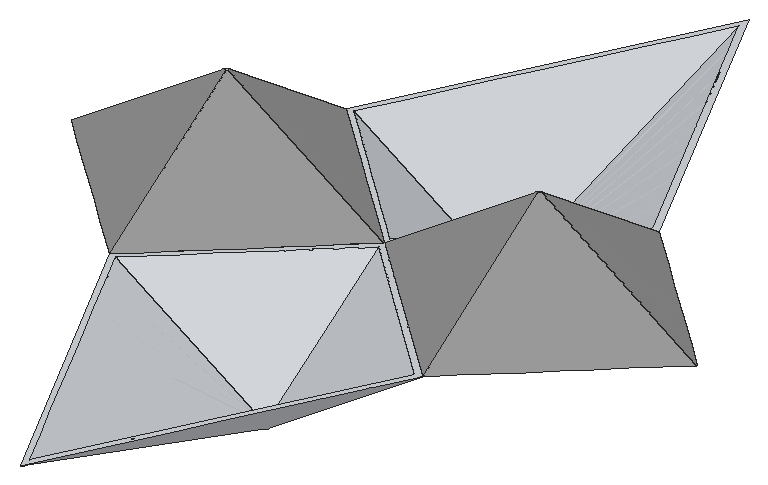
Revit family "CLD-FCT-016_KITE_RTV", category Modelos genéricos, Revit 2022 (continued)
Definition of nested family "CLD-FCT-016_KITE_1_RTV"
  Forms (in)
    Extrusion 221, solid, not visible
      sketch origin (0.02767, 130.90855, 0) x (1, 0, 0) y (0, 0, 1)
        loop
          arc (0.44023, 1.66266) -> (0.45258, 1.69248) -> (0.4824, 1.70483) r 0.04217
          line (0.4824, 1.70483) -> (0.52333, 1.70483)
          arc (0.52333, 1.70483) -> (0.54049, 1.71194) -> (0.54761, 1.7291) r 0.02428
          line (0.54761, 1.7291) -> (0.54761, 2.15016) -> (0.45704, 2.24072)
          arc (0.45704, 2.24072) -> (0.44027, 2.24767) -> (0.42351, 2.24072) r 0.02371
          line (0.42351, 2.24072) -> (0.33294, 2.15016) -> (0.33294, 1.7291)
      from 58.93614 to 81.99864
    Extrusion 222, solid, not visible
      sketch origin (48.02754, 106.90856, 0) x (1, 0, 0) y (0, 0, 1)
        loop
          line (0.42221, 1.66259) -> (0.42231, 0.67354)
          arc (0.42231, 0.67354) -> (0.41009, 0.64403) -> (0.38057, 0.6318) r 0.04174
          line (0.38057, 0.6318) -> (-0.00639, 0.6318) -> (-0.00639, 0.59057) -> (0.8874, 0.59057) -> (0.8874, 0.6318) -> (0.49998, 0.6318)
          arc (0.49998, 0.6318) -> (0.47046, 0.64403) -> (0.45824, 0.67354) r 0.04174
          line (0.45824, 0.67354) -> (0.45834, 1.66259)
          arc (0.45834, 1.66259) -> (0.46543, 1.67969) -> (0.48252, 1.68677) r 0.02418
          line (0.48252, 1.68677) -> (0.52252, 1.68677)
          arc (0.52252, 1.68677) -> (0.55303, 1.69941) -> (0.56566, 1.72991) r 0.04314
          line (0.56566, 1.72991) -> (0.56566, 2.14095)
          arc (0.56566, 2.14095) -> (0.5626, 2.15637) -> (0.55386, 2.16944) r 0.04029
          line (0.55386, 2.16944) -> (0.47053, 2.25277)
          arc (0.47053, 2.25277) -> (0.44027, 2.2653) -> (0.41002, 2.25277) r 0.04279
          line (0.41002, 2.25277) -> (0.32669, 2.16944)
          arc (0.32669, 2.16944) -> (0.31795, 2.15637) -> (0.31489, 2.14095) r 0.04029
          line (0.31489, 2.14095) -> (0.31489, 1.72991)
          arc (0.31489, 1.72991) -> (0.32752, 1.69941) -> (0.35803, 1.68677) r 0.04314
          line (0.35803, 1.68677) -> (0.39803, 1.68677)
          arc (0.39803, 1.68677) -> (0.41512, 1.67969) -> (0.42221, 1.66259) r 0.02418
        loop
          arc (0.33294, 1.7291) -> (0.34005, 1.71194) -> (0.35722, 1.70483) r 0.02428
          line (0.35722, 1.70483) -> (0.39815, 1.70483)
          arc (0.39815, 1.70483) -> (0.42797, 1.69248) -> (0.44023, 1.66266) r 0.04217
          arc (0.44023, 1.66266) -> (0.45258, 1.69248) -> (0.4824, 1.70483) r 0.04217
          line (0.4824, 1.70483) -> (0.52333, 1.70483)
          arc (0.52333, 1.70483) -> (0.54049, 1.71194) -> (0.54761, 1.7291) r 0.02428
          line (0.54761, 1.7291) -> (0.54761, 2.15016) -> (0.45704, 2.24072)
          arc (0.45704, 2.24072) -> (0.44027, 2.24767) -> (0.42351, 2.24072) r 0.02371
          line (0.42351, 2.24072) -> (0.33294, 2.15016) -> (0.33294, 1.7291)
      from 58.93614 to 81.99864
    Extrusion 223, solid, not visible
      sketch origin (72.02767, 106.90856, 0) x (1, 0, 0) y (0, 0, 1)
        loop
          line (0.42221, 1.66259) -> (0.42231, 0.67354)
          arc (0.42231, 0.67354) -> (0.41009, 0.64403) -> (0.38057, 0.6318) r 0.04174
          line (0.38057, 0.6318) -> (-0.00639, 0.6318) -> (-0.00639, 0.59057) -> (0.8874, 0.59057) -> (0.8874, 0.6318) -> (0.49998, 0.6318)
          arc (0.49998, 0.6318) -> (0.47046, 0.64403) -> (0.45824, 0.67354) r 0.04174
          line (0.45824, 0.67354) -> (0.45834, 1.66259)
          arc (0.45834, 1.66259) -> (0.46543, 1.67969) -> (0.48252, 1.68677) r 0.02418
          line (0.48252, 1.68677) -> (0.52252, 1.68677)
          arc (0.52252, 1.68677) -> (0.55303, 1.69941) -> (0.56566, 1.72991) r 0.04314
          line (0.56566, 1.72991) -> (0.56566, 2.14095)
          arc (0.56566, 2.14095) -> (0.5626, 2.15637) -> (0.55386, 2.16944) r 0.04029
          line (0.55386, 2.16944) -> (0.47053, 2.25277)
          arc (0.47053, 2.25277) -> (0.44027, 2.2653) -> (0.41002, 2.25277) r 0.04279
          line (0.41002, 2.25277) -> (0.32669, 2.16944)
          arc (0.32669, 2.16944) -> (0.31795, 2.15637) -> (0.31489, 2.14095) r 0.04029
          line (0.31489, 2.14095) -> (0.31489, 1.72991)
          arc (0.31489, 1.72991) -> (0.32752, 1.69941) -> (0.35803, 1.68677) r 0.04314
          line (0.35803, 1.68677) -> (0.39803, 1.68677)
          arc (0.39803, 1.68677) -> (0.41512, 1.67969) -> (0.42221, 1.66259) r 0.02418
        loop
          arc (0.33294, 1.7291) -> (0.34005, 1.71194) -> (0.35722, 1.70483) r 0.02428
          line (0.35722, 1.70483) -> (0.39815, 1.70483)
          arc (0.39815, 1.70483) -> (0.42797, 1.69248) -> (0.44023, 1.66266) r 0.04217
          arc (0.44023, 1.66266) -> (0.45258, 1.69248) -> (0.4824, 1.70483) r 0.04217
          line (0.4824, 1.70483) -> (0.52333, 1.70483)
          arc (0.52333, 1.70483) -> (0.54049, 1.71194) -> (0.54761, 1.7291) r 0.02428
          line (0.54761, 1.7291) -> (0.54761, 2.15016) -> (0.45704, 2.24072)
          arc (0.45704, 2.24072) -> (0.44027, 2.24767) -> (0.42351, 2.24072) r 0.02371
          line (0.42351, 2.24072) -> (0.33294, 2.15016) -> (0.33294, 1.7291)
      from 58.93614 to 81.99864
    Extrusion 224, solid, not visible
      sketch origin (96.02767, 106.90856, 0) x (1, 0, 0) y (0, 0, 1)
        loop
          line (0.42221, 1.66259) -> (0.42231, 0.67354)
          arc (0.42231, 0.67354) -> (0.41009, 0.64403) -> (0.38057, 0.6318) r 0.04174
          line (0.38057, 0.6318) -> (-0.00639, 0.6318) -> (-0.00639, 0.59057) -> (0.8874, 0.59057) -> (0.8874, 0.6318) -> (0.49998, 0.6318)
          arc (0.49998, 0.6318) -> (0.47046, 0.64403) -> (0.45824, 0.67354) r 0.04174
          line (0.45824, 0.67354) -> (0.45834, 1.66259)
          arc (0.45834, 1.66259) -> (0.46543, 1.67969) -> (0.48252, 1.68677) r 0.02418
          line (0.48252, 1.68677) -> (0.52252, 1.68677)
          arc (0.52252, 1.68677) -> (0.55303, 1.69941) -> (0.56566, 1.72991) r 0.04314
          line (0.56566, 1.72991) -> (0.56566, 2.14095)
          arc (0.56566, 2.14095) -> (0.5626, 2.15637) -> (0.55386, 2.16944) r 0.04029
          line (0.55386, 2.16944) -> (0.47053, 2.25277)
          arc (0.47053, 2.25277) -> (0.44027, 2.2653) -> (0.41002, 2.25277) r 0.04279
          line (0.41002, 2.25277) -> (0.32669, 2.16944)
          arc (0.32669, 2.16944) -> (0.31795, 2.15637) -> (0.31489, 2.14095) r 0.04029
          line (0.31489, 2.14095) -> (0.31489, 1.72991)
          arc (0.31489, 1.72991) -> (0.32752, 1.69941) -> (0.35803, 1.68677) r 0.04314
          line (0.35803, 1.68677) -> (0.39803, 1.68677)
          arc (0.39803, 1.68677) -> (0.41512, 1.67969) -> (0.42221, 1.66259) r 0.02418
        loop
          arc (0.33294, 1.7291) -> (0.34005, 1.71194) -> (0.35722, 1.70483) r 0.02428
          line (0.35722, 1.70483) -> (0.39815, 1.70483)
          arc (0.39815, 1.70483) -> (0.42797, 1.69248) -> (0.44023, 1.66266) r 0.04217
          arc (0.44023, 1.66266) -> (0.45258, 1.69248) -> (0.4824, 1.70483) r 0.04217
          line (0.4824, 1.70483) -> (0.52333, 1.70483)
          arc (0.52333, 1.70483) -> (0.54049, 1.71194) -> (0.54761, 1.7291) r 0.02428
          line (0.54761, 1.7291) -> (0.54761, 2.15016) -> (0.45704, 2.24072)
          arc (0.45704, 2.24072) -> (0.44027, 2.24767) -> (0.42351, 2.24072) r 0.02371
          line (0.42351, 2.24072) -> (0.33294, 2.15016) -> (0.33294, 1.7291)
      from 58.93614 to 81.99864
    Extrusion 225, solid, not visible
      sketch origin (24.02767, 106.90856, 0) x (1, 0, 0) y (0, 0, 1)
        loop
          line (0.42221, 1.66259) -> (0.42231, 0.67354)
          arc (0.42231, 0.67354) -> (0.41009, 0.64403) -> (0.38057, 0.6318) r 0.04174
          line (0.38057, 0.6318) -> (-0.00639, 0.6318) -> (-0.00639, 0.59057) -> (0.8874, 0.59057) -> (0.8874, 0.6318) -> (0.49998, 0.6318)
          arc (0.49998, 0.6318) -> (0.47046, 0.64403) -> (0.45824, 0.67354) r 0.04174
          line (0.45824, 0.67354) -> (0.45834, 1.66259)
          arc (0.45834, 1.66259) -> (0.46543, 1.67969) -> (0.48252, 1.68677) r 0.02418
          line (0.48252, 1.68677) -> (0.52252, 1.68677)
          arc (0.52252, 1.68677) -> (0.55303, 1.69941) -> (0.56566, 1.72991) r 0.04314
          line (0.56566, 1.72991) -> (0.56566, 2.14095)
          arc (0.56566, 2.14095) -> (0.5626, 2.15637) -> (0.55386, 2.16944) r 0.04029
          line (0.55386, 2.16944) -> (0.47053, 2.25277)
          arc (0.47053, 2.25277) -> (0.44027, 2.2653) -> (0.41002, 2.25277) r 0.04279
          line (0.41002, 2.25277) -> (0.32669, 2.16944)
          arc (0.32669, 2.16944) -> (0.31795, 2.15637) -> (0.31489, 2.14095) r 0.04029
          line (0.31489, 2.14095) -> (0.31489, 1.72991)
          arc (0.31489, 1.72991) -> (0.32752, 1.69941) -> (0.35803, 1.68677) r 0.04314
          line (0.35803, 1.68677) -> (0.39803, 1.68677)
          arc (0.39803, 1.68677) -> (0.41512, 1.67969) -> (0.42221, 1.66259) r 0.02418
        loop
          arc (0.33294, 1.7291) -> (0.34005, 1.71194) -> (0.35722, 1.70483) r 0.02428
          line (0.35722, 1.70483) -> (0.39815, 1.70483)
          arc (0.39815, 1.70483) -> (0.42797, 1.69248) -> (0.44023, 1.66266) r 0.04217
          arc (0.44023, 1.66266) -> (0.45258, 1.69248) -> (0.4824, 1.70483) r 0.04217
          line (0.4824, 1.70483) -> (0.52333, 1.70483)
          arc (0.52333, 1.70483) -> (0.54049, 1.71194) -> (0.54761, 1.7291) r 0.02428
          line (0.54761, 1.7291) -> (0.54761, 2.15016) -> (0.45704, 2.24072)
          arc (0.45704, 2.24072) -> (0.44027, 2.24767) -> (0.42351, 2.24072) r 0.02371
          line (0.42351, 2.24072) -> (0.33294, 2.15016) -> (0.33294, 1.7291)
      from 58.93614 to 81.99864
    Extrusion 226, solid, not visible
      sketch origin (0.02767, 106.90856, 0) x (1, 0, 0) y (0, 0, 1)
        loop
          line (0.42221, 1.66259) -> (0.42231, 0.67354)
          arc (0.42231, 0.67354) -> (0.41009, 0.64403) -> (0.38057, 0.6318) r 0.04174
          line (0.38057, 0.6318) -> (-0.00639, 0.6318) -> (-0.00639, 0.59057) -> (0.8874, 0.59057) -> (0.8874, 0.6318) -> (0.49998, 0.6318)
          arc (0.49998, 0.6318) -> (0.47046, 0.64403) -> (0.45824, 0.67354) r 0.04174
          line (0.45824, 0.67354) -> (0.45834, 1.66259)
          arc (0.45834, 1.66259) -> (0.46543, 1.67969) -> (0.48252, 1.68677) r 0.02418
          line (0.48252, 1.68677) -> (0.52252, 1.68677)
          arc (0.52252, 1.68677) -> (0.55303, 1.69941) -> (0.56566, 1.72991) r 0.04314
          line (0.56566, 1.72991) -> (0.56566, 2.14095)
          arc (0.56566, 2.14095) -> (0.5626, 2.15637) -> (0.55386, 2.16944) r 0.04029
          line (0.55386, 2.16944) -> (0.47053, 2.25277)
          arc (0.47053, 2.25277) -> (0.44027, 2.2653) -> (0.41002, 2.25277) r 0.04279
          line (0.41002, 2.25277) -> (0.32669, 2.16944)
          arc (0.32669, 2.16944) -> (0.31795, 2.15637) -> (0.31489, 2.14095) r 0.04029
          line (0.31489, 2.14095) -> (0.31489, 1.72991)
          arc (0.31489, 1.72991) -> (0.32752, 1.69941) -> (0.35803, 1.68677) r 0.04314
          line (0.35803, 1.68677) -> (0.39803, 1.68677)
          arc (0.39803, 1.68677) -> (0.41512, 1.67969) -> (0.42221, 1.66259) r 0.02418
        loop
          arc (0.33294, 1.7291) -> (0.34005, 1.71194) -> (0.35722, 1.70483) r 0.02428
          line (0.35722, 1.70483) -> (0.39815, 1.70483)
          arc (0.39815, 1.70483) -> (0.42797, 1.69248) -> (0.44023, 1.66266) r 0.04217
          arc (0.44023, 1.66266) -> (0.45258, 1.69248) -> (0.4824, 1.70483) r 0.04217
          line (0.4824, 1.70483) -> (0.52333, 1.70483)
          arc (0.52333, 1.70483) -> (0.54049, 1.71194) -> (0.54761, 1.7291) r 0.02428
          line (0.54761, 1.7291) -> (0.54761, 2.15016) -> (0.45704, 2.24072)
          arc (0.45704, 2.24072) -> (0.44027, 2.24767) -> (0.42351, 2.24072) r 0.02371
          line (0.42351, 2.24072) -> (0.33294, 2.15016) -> (0.33294, 1.7291)
      from 58.93614 to 81.99864
    Extrusion 227, solid, not visible
      sketch origin (48.02754, 82.90856, 0) x (1, 0, 0) y (0, 0, 1)
        loop
          line (0.42221, 1.66259) -> (0.42231, 0.67354)
          arc (0.42231, 0.67354) -> (0.41009, 0.64403) -> (0.38057, 0.6318) r 0.04174
          line (0.38057, 0.6318) -> (-0.00639, 0.6318) -> (-0.00639, 0.59057) -> (0.8874, 0.59057) -> (0.8874, 0.6318) -> (0.49998, 0.6318)
          arc (0.49998, 0.6318) -> (0.47046, 0.64403) -> (0.45824, 0.67354) r 0.04174
          line (0.45824, 0.67354) -> (0.45834, 1.66259)
          arc (0.45834, 1.66259) -> (0.46543, 1.67969) -> (0.48252, 1.68677) r 0.02418
          line (0.48252, 1.68677) -> (0.52252, 1.68677)
          arc (0.52252, 1.68677) -> (0.55303, 1.69941) -> (0.56566, 1.72991) r 0.04314
          line (0.56566, 1.72991) -> (0.56566, 2.14095)
          arc (0.56566, 2.14095) -> (0.5626, 2.15637) -> (0.55386, 2.16944) r 0.04029
          line (0.55386, 2.16944) -> (0.47053, 2.25277)
          arc (0.47053, 2.25277) -> (0.44027, 2.2653) -> (0.41002, 2.25277) r 0.04279
          line (0.41002, 2.25277) -> (0.32669, 2.16944)
          arc (0.32669, 2.16944) -> (0.31795, 2.15637) -> (0.31489, 2.14095) r 0.04029
          line (0.31489, 2.14095) -> (0.31489, 1.72991)
          arc (0.31489, 1.72991) -> (0.32752, 1.69941) -> (0.35803, 1.68677) r 0.04314
          line (0.35803, 1.68677) -> (0.39803, 1.68677)
          arc (0.39803, 1.68677) -> (0.41512, 1.67969) -> (0.42221, 1.66259) r 0.02418
        loop
          arc (0.33294, 1.7291) -> (0.34005, 1.71194) -> (0.35722, 1.70483) r 0.02428
          line (0.35722, 1.70483) -> (0.39815, 1.70483)
          arc (0.39815, 1.70483) -> (0.42797, 1.69248) -> (0.44023, 1.66266) r 0.04217
          arc (0.44023, 1.66266) -> (0.45258, 1.69248) -> (0.4824, 1.70483) r 0.04217
          line (0.4824, 1.70483) -> (0.52333, 1.70483)
          arc (0.52333, 1.70483) -> (0.54049, 1.71194) -> (0.54761, 1.7291) r 0.02428
          line (0.54761, 1.7291) -> (0.54761, 2.15016) -> (0.45704, 2.24072)
          arc (0.45704, 2.24072) -> (0.44027, 2.24767) -> (0.42351, 2.24072) r 0.02371
          line (0.42351, 2.24072) -> (0.33294, 2.15016) -> (0.33294, 1.7291)
      from 58.93614 to 81.99864
    Extrusion 228, solid, not visible
      sketch origin (72.02767, 82.90856, 0) x (1, 0, 0) y (0, 0, 1)
        loop
          line (0.42221, 1.66259) -> (0.42231, 0.67354)
          arc (0.42231, 0.67354) -> (0.41009, 0.64403) -> (0.38057, 0.6318) r 0.04174
          line (0.38057, 0.6318) -> (-0.00639, 0.6318) -> (-0.00639, 0.59057) -> (0.8874, 0.59057) -> (0.8874, 0.6318) -> (0.49998, 0.6318)
          arc (0.49998, 0.6318) -> (0.47046, 0.64403) -> (0.45824, 0.67354) r 0.04174
          line (0.45824, 0.67354) -> (0.45834, 1.66259)
          arc (0.45834, 1.66259) -> (0.46543, 1.67969) -> (0.48252, 1.68677) r 0.02418
          line (0.48252, 1.68677) -> (0.52252, 1.68677)
          arc (0.52252, 1.68677) -> (0.55303, 1.69941) -> (0.56566, 1.72991) r 0.04314
          line (0.56566, 1.72991) -> (0.56566, 2.14095)
          arc (0.56566, 2.14095) -> (0.5626, 2.15637) -> (0.55386, 2.16944) r 0.04029
          line (0.55386, 2.16944) -> (0.47053, 2.25277)
          arc (0.47053, 2.25277) -> (0.44027, 2.2653) -> (0.41002, 2.25277) r 0.04279
          line (0.41002, 2.25277) -> (0.32669, 2.16944)
          arc (0.32669, 2.16944) -> (0.31795, 2.15637) -> (0.31489, 2.14095) r 0.04029
          line (0.31489, 2.14095) -> (0.31489, 1.72991)
          arc (0.31489, 1.72991) -> (0.32752, 1.69941) -> (0.35803, 1.68677) r 0.04314
          line (0.35803, 1.68677) -> (0.39803, 1.68677)
          arc (0.39803, 1.68677) -> (0.41512, 1.67969) -> (0.42221, 1.66259) r 0.02418
        loop
          arc (0.33294, 1.7291) -> (0.34005, 1.71194) -> (0.35722, 1.70483) r 0.02428
          line (0.35722, 1.70483) -> (0.39815, 1.70483)
          arc (0.39815, 1.70483) -> (0.42797, 1.69248) -> (0.44023, 1.66266) r 0.04217
          arc (0.44023, 1.66266) -> (0.45258, 1.69248) -> (0.4824, 1.70483) r 0.04217
          line (0.4824, 1.70483) -> (0.52333, 1.70483)
          arc (0.52333, 1.70483) -> (0.54049, 1.71194) -> (0.54761, 1.7291) r 0.02428
          line (0.54761, 1.7291) -> (0.54761, 2.15016) -> (0.45704, 2.24072)
          arc (0.45704, 2.24072) -> (0.44027, 2.24767) -> (0.42351, 2.24072) r 0.02371
          line (0.42351, 2.24072) -> (0.33294, 2.15016) -> (0.33294, 1.7291)
      from 58.93614 to 81.99864
    Extrusion 229, solid, not visible
      sketch origin (96.02767, 82.90856, 0) x (1, 0, 0) y (0, 0, 1)
        loop
          line (0.42221, 1.66259) -> (0.42231, 0.67354)
          arc (0.42231, 0.67354) -> (0.41009, 0.64403) -> (0.38057, 0.6318) r 0.04174
          line (0.38057, 0.6318) -> (-0.00639, 0.6318) -> (-0.00639, 0.59057) -> (0.8874, 0.59057) -> (0.8874, 0.6318) -> (0.49998, 0.6318)
          arc (0.49998, 0.6318) -> (0.47046, 0.64403) -> (0.45824, 0.67354) r 0.04174
          line (0.45824, 0.67354) -> (0.45834, 1.66259)
          arc (0.45834, 1.66259) -> (0.46543, 1.67969) -> (0.48252, 1.68677) r 0.02418
          line (0.48252, 1.68677) -> (0.52252, 1.68677)
          arc (0.52252, 1.68677) -> (0.55303, 1.69941) -> (0.56566, 1.72991) r 0.04314
          line (0.56566, 1.72991) -> (0.56566, 2.14095)
          arc (0.56566, 2.14095) -> (0.5626, 2.15637) -> (0.55386, 2.16944) r 0.04029
          line (0.55386, 2.16944) -> (0.47053, 2.25277)
          arc (0.47053, 2.25277) -> (0.44027, 2.2653) -> (0.41002, 2.25277) r 0.04279
          line (0.41002, 2.25277) -> (0.32669, 2.16944)
          arc (0.32669, 2.16944) -> (0.31795, 2.15637) -> (0.31489, 2.14095) r 0.04029
          line (0.31489, 2.14095) -> (0.31489, 1.72991)
          arc (0.31489, 1.72991) -> (0.32752, 1.69941) -> (0.35803, 1.68677) r 0.04314
          line (0.35803, 1.68677) -> (0.39803, 1.68677)
          arc (0.39803, 1.68677) -> (0.41512, 1.67969) -> (0.42221, 1.66259) r 0.02418
        loop
          arc (0.33294, 1.7291) -> (0.34005, 1.71194) -> (0.35722, 1.70483) r 0.02428
          line (0.35722, 1.70483) -> (0.39815, 1.70483)
          arc (0.39815, 1.70483) -> (0.42797, 1.69248) -> (0.44023, 1.66266) r 0.04217
          arc (0.44023, 1.66266) -> (0.45258, 1.69248) -> (0.4824, 1.70483) r 0.04217
          line (0.4824, 1.70483) -> (0.52333, 1.70483)
          arc (0.52333, 1.70483) -> (0.54049, 1.71194) -> (0.54761, 1.7291) r 0.02428
          line (0.54761, 1.7291) -> (0.54761, 2.15016) -> (0.45704, 2.24072)
          arc (0.45704, 2.24072) -> (0.44027, 2.24767) -> (0.42351, 2.24072) r 0.02371
          line (0.42351, 2.24072) -> (0.33294, 2.15016) -> (0.33294, 1.7291)
      from 58.93614 to 81.99864
    Extrusion 230, solid, not visible
      sketch origin (24.02767, 82.90856, 0) x (1, 0, 0) y (0, 0, 1)
        loop
          line (0.42221, 1.66259) -> (0.42231, 0.67354)
          arc (0.42231, 0.67354) -> (0.41009, 0.64403) -> (0.38057, 0.6318) r 0.04174
          line (0.38057, 0.6318) -> (-0.00639, 0.6318) -> (-0.00639, 0.59057) -> (0.8874, 0.59057) -> (0.8874, 0.6318) -> (0.49998, 0.6318)
          arc (0.49998, 0.6318) -> (0.47046, 0.64403) -> (0.45824, 0.67354) r 0.04174
          line (0.45824, 0.67354) -> (0.45834, 1.66259)
          arc (0.45834, 1.66259) -> (0.46543, 1.67969) -> (0.48252, 1.68677) r 0.02418
          line (0.48252, 1.68677) -> (0.52252, 1.68677)
          arc (0.52252, 1.68677) -> (0.55303, 1.69941) -> (0.56566, 1.72991) r 0.04314
          line (0.56566, 1.72991) -> (0.56566, 2.14095)
          arc (0.56566, 2.14095) -> (0.5626, 2.15637) -> (0.55386, 2.16944) r 0.04029
          line (0.55386, 2.16944) -> (0.47053, 2.25277)
          arc (0.47053, 2.25277) -> (0.44027, 2.2653) -> (0.41002, 2.25277) r 0.04279
          line (0.41002, 2.25277) -> (0.32669, 2.16944)
          arc (0.32669, 2.16944) -> (0.31795, 2.15637) -> (0.31489, 2.14095) r 0.04029
          line (0.31489, 2.14095) -> (0.31489, 1.72991)
          arc (0.31489, 1.72991) -> (0.32752, 1.69941) -> (0.35803, 1.68677) r 0.04314
          line (0.35803, 1.68677) -> (0.39803, 1.68677)
          arc (0.39803, 1.68677) -> (0.41512, 1.67969) -> (0.42221, 1.66259) r 0.02418
        loop
          arc (0.33294, 1.7291) -> (0.34005, 1.71194) -> (0.35722, 1.70483) r 0.02428
          line (0.35722, 1.70483) -> (0.39815, 1.70483)
          arc (0.39815, 1.70483) -> (0.42797, 1.69248) -> (0.44023, 1.66266) r 0.04217
          arc (0.44023, 1.66266) -> (0.45258, 1.69248) -> (0.4824, 1.70483) r 0.04217
          line (0.4824, 1.70483) -> (0.52333, 1.70483)
          arc (0.52333, 1.70483) -> (0.54049, 1.71194) -> (0.54761, 1.7291) r 0.02428
          line (0.54761, 1.7291) -> (0.54761, 2.15016) -> (0.45704, 2.24072)
          arc (0.45704, 2.24072) -> (0.44027, 2.24767) -> (0.42351, 2.24072) r 0.02371
          line (0.42351, 2.24072) -> (0.33294, 2.15016) -> (0.33294, 1.7291)
      from 58.93614 to 81.99864
    Extrusion 231, solid, not visible
      sketch origin (0.02767, 82.90856, 0) x (1, 0, 0) y (0, 0, 1)
        loop
          line (0.42221, 1.66259) -> (0.42231, 0.67354)
          arc (0.42231, 0.67354) -> (0.41009, 0.64403) -> (0.38057, 0.6318) r 0.04174
          line (0.38057, 0.6318) -> (-0.00639, 0.6318) -> (-0.00639, 0.59057) -> (0.8874, 0.59057) -> (0.8874, 0.6318) -> (0.49998, 0.6318)
          arc (0.49998, 0.6318) -> (0.47046, 0.64403) -> (0.45824, 0.67354) r 0.04174
          line (0.45824, 0.67354) -> (0.45834, 1.66259)
          arc (0.45834, 1.66259) -> (0.46543, 1.67969) -> (0.48252, 1.68677) r 0.02418
          line (0.48252, 1.68677) -> (0.52252, 1.68677)
          arc (0.52252, 1.68677) -> (0.55303, 1.69941) -> (0.56566, 1.72991) r 0.04314
          line (0.56566, 1.72991) -> (0.56566, 2.14095)
          arc (0.56566, 2.14095) -> (0.5626, 2.15637) -> (0.55386, 2.16944) r 0.04029
          line (0.55386, 2.16944) -> (0.47053, 2.25277)
          arc (0.47053, 2.25277) -> (0.44027, 2.2653) -> (0.41002, 2.25277) r 0.04279
          line (0.41002, 2.25277) -> (0.32669, 2.16944)
          arc (0.32669, 2.16944) -> (0.31795, 2.15637) -> (0.31489, 2.14095) r 0.04029
          line (0.31489, 2.14095) -> (0.31489, 1.72991)
          arc (0.31489, 1.72991) -> (0.32752, 1.69941) -> (0.35803, 1.68677) r 0.04314
          line (0.35803, 1.68677) -> (0.39803, 1.68677)
          arc (0.39803, 1.68677) -> (0.41512, 1.67969) -> (0.42221, 1.66259) r 0.02418
        loop
          arc (0.33294, 1.7291) -> (0.34005, 1.71194) -> (0.35722, 1.70483) r 0.02428
          line (0.35722, 1.70483) -> (0.39815, 1.70483)
          arc (0.39815, 1.70483) -> (0.42797, 1.69248) -> (0.44023, 1.66266) r 0.04217
          arc (0.44023, 1.66266) -> (0.45258, 1.69248) -> (0.4824, 1.70483) r 0.04217
          line (0.4824, 1.70483) -> (0.52333, 1.70483)
          arc (0.52333, 1.70483) -> (0.54049, 1.71194) -> (0.54761, 1.7291) r 0.02428
          line (0.54761, 1.7291) -> (0.54761, 2.15016) -> (0.45704, 2.24072)
          arc (0.45704, 2.24072) -> (0.44027, 2.24767) -> (0.42351, 2.24072) r 0.02371
          line (0.42351, 2.24072) -> (0.33294, 2.15016) -> (0.33294, 1.7291)
      from 58.93614 to 81.99864
    Extrusion 232, solid, not visible
      sketch origin (0, 0, 0) x (1, 0, 0) y (0, 0, 1)
        loop
          line (0.96881, 0.64538) -> (0.96881, -2.35462) -> (3.48948, -2.35462) -> (3.48948, -0.60462) -> (4.19814, -0.60462) -> (4.19814, -2.35462) -> (9.23948, -2.35462) -> (9.23948, -0.60462) -> (9.94814, -0.60462) -> (9.94814, -2.35462) -> (14.98948, -2.35462) -> (14.98948, -0.60462) -> (15.69814, -0.60462) -> (15.69814, -2.35462) -> (20.73948, -2.35462) -> (20.73948, -0.60462) -> (21.44814, -0.60462) -> (21.44814, -2.35462) -> (23.96881, -2.35462) -> (23.96881, 0.64538) -> (24.28131, 0.64538) -> (24.28131, 1.14538) -> (0.65631, 1.14538) -> (0.65631, 0.64538) -> (0.96881, 0.64538)
      from -3.60908 to -3.49097
    Extrusion 233, solid, not visible
      sketch origin (0, 0, 0) x (1, 0, 0) y (0, 0, 1)
        loop
          line (0.96881, 0.64538) -> (0.96881, -2.35462) -> (3.48948, -2.35462) -> (3.48948, -0.60462) -> (4.19814, -0.60462) -> (4.19814, -2.35462) -> (9.23948, -2.35462) -> (9.23948, -0.60462) -> (9.94814, -0.60462) -> (9.94814, -2.35462) -> (14.98948, -2.35462) -> (14.98948, -0.60462) -> (15.69814, -0.60462) -> (15.69814, -2.35462) -> (20.73948, -2.35462) -> (20.73948, -0.60462) -> (21.44814, -0.60462) -> (21.44814, -2.35462) -> (23.96881, -2.35462) -> (23.96881, 0.64538) -> (24.28131, 0.64538) -> (24.28131, 1.14538) -> (0.65631, 1.14538) -> (0.65631, 0.64538) -> (0.96881, 0.64538)
      from -4.08152 to -3.60908
    Extrusion 234, solid, not visible
      sketch origin (0, 0, 0) x (1, 0, 0) y (0, 0, 1)
        loop
          line (0.96881, 0.64538) -> (0.96881, -2.35462) -> (3.48948, -2.35462) -> (3.48948, -0.60462) -> (4.19814, -0.60462) -> (4.19814, -2.35462) -> (9.23948, -2.35462) -> (9.23948, -0.60462) -> (9.94814, -0.60462) -> (9.94814, -2.35462) -> (14.98948, -2.35462) -> (14.98948, -0.60462) -> (15.69814, -0.60462) -> (15.69814, -2.35462) -> (20.73948, -2.35462) -> (20.73948, -0.60462) -> (21.44814, -0.60462) -> (21.44814, -2.35462) -> (23.96881, -2.35462) -> (23.96881, 0.64538) -> (24.28131, 0.64538) -> (24.28131, 1.14538) -> (0.65631, 1.14538) -> (0.65631, 0.64538) -> (0.96881, 0.64538)
      from -4.19963 to -4.08152
    Extrusion 235, solid, not visible
      sketch origin (-0.00149, 0.00149, -1.20924) x (0, 1, 0) y (0, 0, -1)
        loop
          line (0.96881, 1.14538) -> (0.96881, -1.85462) -> (0.65631, -1.85462) -> (0.65631, -2.35462) -> (0.96881, -2.35462) -> (3.48948, -2.35462) -> (3.48948, -0.60462) -> (4.19814, -0.60462) -> (4.19814, -2.35462) -> (9.23948, -2.35462) -> (9.23948, -0.60462) -> (9.94814, -0.60462) -> (9.94814, -2.35462) -> (14.98948, -2.35462) -> (14.98948, -0.60462) -> (15.69814, -0.60462) -> (15.69814, -2.35462) -> (20.73948, -2.35462) -> (20.73948, -0.60462) -> (21.44814, -0.60462) -> (21.44814, -2.35462) -> (24.28131, -2.35462) -> (24.28131, -1.85462) -> (23.96881, -1.85462) -> (23.96881, 1.14538) -> (0.96881, 1.14538)
      from -3.60908 to -3.49097
    Extrusion 236, solid, not visible
      sketch origin (0.11662, 0.00149, -1.20924) x (0, 1, 0) y (0, 0, -1)
        loop
          line (0.96881, 1.14538) -> (0.96881, -1.85462) -> (0.65631, -1.85462) -> (0.65631, -2.35462) -> (0.96881, -2.35462) -> (3.48948, -2.35462) -> (3.48948, -0.60462) -> (4.19814, -0.60462) -> (4.19814, -2.35462) -> (9.23948, -2.35462) -> (9.23948, -0.60462) -> (9.94814, -0.60462) -> (9.94814, -2.35462) -> (14.98948, -2.35462) -> (14.98948, -0.60462) -> (15.69814, -0.60462) -> (15.69814, -2.35462) -> (20.73948, -2.35462) -> (20.73948, -0.60462) -> (21.44814, -0.60462) -> (21.44814, -2.35462) -> (24.28131, -2.35462) -> (24.28131, -1.85462) -> (23.96881, -1.85462) -> (23.96881, 1.14538) -> (0.96881, 1.14538)
      from -3.96341 to -3.49097
    Extrusion 237, solid, not visible
      sketch origin (-0.00149, 0.00149, -1.20924) x (0, 1, 0) y (0, 0, -1)
        loop
          line (0.96881, 1.14538) -> (0.96881, -1.85462) -> (0.65631, -1.85462) -> (0.65631, -2.35462) -> (0.96881, -2.35462) -> (3.48948, -2.35462) -> (3.48948, -0.60462) -> (4.19814, -0.60462) -> (4.19814, -2.35462) -> (9.23948, -2.35462) -> (9.23948, -0.60462) -> (9.94814, -0.60462) -> (9.94814, -2.35462) -> (14.98948, -2.35462) -> (14.98948, -0.60462) -> (15.69814, -0.60462) -> (15.69814, -2.35462) -> (20.73948, -2.35462) -> (20.73948, -0.60462) -> (21.44814, -0.60462) -> (21.44814, -2.35462) -> (24.28131, -2.35462) -> (24.28131, -1.85462) -> (23.96881, -1.85462) -> (23.96881, 1.14538) -> (0.96881, 1.14538)
      from -4.19963 to -4.08152
    Extrusion 238, solid, not visible
      sketch origin (0, 0, 0) x (1, 0, 0) y (0, 0, 1)
        loop
          line (0.96881, 0.64538) -> (0.96881, -2.35462) -> (3.48948, -2.35462) -> (3.48948, -0.60462) -> (4.19814, -0.60462) -> (4.19814, -2.35462) -> (9.23948, -2.35462) -> (9.23948, -0.60462) -> (9.94814, -0.60462) -> (9.94814, -2.35462) -> (14.98948, -2.35462) -> (14.98948, -0.60462) -> (15.69814, -0.60462) -> (15.69814, -2.35462) -> (20.73948, -2.35462) -> (20.73948, -0.60462) -> (21.44814, -0.60462) -> (21.44814, -2.35462) -> (23.96881, -2.35462) -> (23.96881, 0.64538) -> (24.28131, 0.64538) -> (24.28131, 1.14538) -> (0.65631, 1.14538) -> (0.65631, 0.64538) -> (0.96881, 0.64538)
      from -3.60908 to -3.49097
    Extrusion 239, solid, not visible
      sketch origin (0, 0, 0) x (1, 0, 0) y (0, 0, 1)
        loop
          line (0.96881, 0.64538) -> (0.96881, -2.35462) -> (3.48948, -2.35462) -> (3.48948, -0.60462) -> (4.19814, -0.60462) -> (4.19814, -2.35462) -> (9.23948, -2.35462) -> (9.23948, -0.60462) -> (9.94814, -0.60462) -> (9.94814, -2.35462) -> (14.98948, -2.35462) -> (14.98948, -0.60462) -> (15.69814, -0.60462) -> (15.69814, -2.35462) -> (20.73948, -2.35462) -> (20.73948, -0.60462) -> (21.44814, -0.60462) -> (21.44814, -2.35462) -> (23.96881, -2.35462) -> (23.96881, 0.64538) -> (24.28131, 0.64538) -> (24.28131, 1.14538) -> (0.65631, 1.14538) -> (0.65631, 0.64538) -> (0.96881, 0.64538)
      from -4.08152 to -3.60908
    Extrusion 240, solid, not visible
      sketch origin (0, 0, 0) x (1, 0, 0) y (0, 0, 1)
        loop
          line (0.96881, 0.64538) -> (0.96881, -2.35462) -> (3.48948, -2.35462) -> (3.48948, -0.60462) -> (4.19814, -0.60462) -> (4.19814, -2.35462) -> (9.23948, -2.35462) -> (9.23948, -0.60462) -> (9.94814, -0.60462) -> (9.94814, -2.35462) -> (14.98948, -2.35462) -> (14.98948, -0.60462) -> (15.69814, -0.60462) -> (15.69814, -2.35462) -> (20.73948, -2.35462) -> (20.73948, -0.60462) -> (21.44814, -0.60462) -> (21.44814, -2.35462) -> (23.96881, -2.35462) -> (23.96881, 0.64538) -> (24.28131, 0.64538) -> (24.28131, 1.14538) -> (0.65631, 1.14538) -> (0.65631, 0.64538) -> (0.96881, 0.64538)
      from -4.19963 to -4.08152
    Extrusion 241, solid, not visible
      sketch origin (0, 0, 0) x (1, 0, 0) y (0, 0, 1)
        loop
          line (0.96881, 0.64538) -> (0.96881, -2.35462) -> (3.48948, -2.35462) -> (3.48948, -0.60462) -> (4.19814, -0.60462) -> (4.19814, -2.35462) -> (9.23948, -2.35462) -> (9.23948, -0.60462) -> (9.94814, -0.60462) -> (9.94814, -2.35462) -> (14.98948, -2.35462) -> (14.98948, -0.60462) -> (15.69814, -0.60462) -> (15.69814, -2.35462) -> (20.73948, -2.35462) -> (20.73948, -0.60462) -> (21.44814, -0.60462) -> (21.44814, -2.35462) -> (23.96881, -2.35462) -> (23.96881, 0.64538) -> (24.28131, 0.64538) -> (24.28131, 1.14538) -> (0.65631, 1.14538) -> (0.65631, 0.64538) -> (0.96881, 0.64538)
      from -9.94963 to -9.83152
    Extrusion 242, solid, not visible
      sketch origin (0, 0, 0) x (1, 0, 0) y (0, 0, 1)
        loop
          line (0.96881, 0.64538) -> (0.96881, -2.35462) -> (3.48948, -2.35462) -> (3.48948, -0.60462) -> (4.19814, -0.60462) -> (4.19814, -2.35462) -> (9.23948, -2.35462) -> (9.23948, -0.60462) -> (9.94814, -0.60462) -> (9.94814, -2.35462) -> (14.98948, -2.35462) -> (14.98948, -0.60462) -> (15.69814, -0.60462) -> (15.69814, -2.35462) -> (20.73948, -2.35462) -> (20.73948, -0.60462) -> (21.44814, -0.60462) -> (21.44814, -2.35462) -> (23.96881, -2.35462) -> (23.96881, 0.64538) -> (24.28131, 0.64538) -> (24.28131, 1.14538) -> (0.65631, 1.14538) -> (0.65631, 0.64538) -> (0.96881, 0.64538)
      from -9.35908 to -9.24097
    Extrusion 243, solid, not visible
      sketch origin (0, 0, 0) x (1, 0, 0) y (0, 0, 1)
        loop
          line (0.96881, 0.64538) -> (0.96881, -2.35462) -> (3.48948, -2.35462) -> (3.48948, -0.60462) -> (4.19814, -0.60462) -> (4.19814, -2.35462) -> (9.23948, -2.35462) -> (9.23948, -0.60462) -> (9.94814, -0.60462) -> (9.94814, -2.35462) -> (14.98948, -2.35462) -> (14.98948, -0.60462) -> (15.69814, -0.60462) -> (15.69814, -2.35462) -> (20.73948, -2.35462) -> (20.73948, -0.60462) -> (21.44814, -0.60462) -> (21.44814, -2.35462) -> (23.96881, -2.35462) -> (23.96881, 0.64538) -> (24.28131, 0.64538) -> (24.28131, 1.14538) -> (0.65631, 1.14538) -> (0.65631, 0.64538) -> (0.96881, 0.64538)
      from -9.83152 to -9.35908
    Extrusion 244, solid, not visible
      sketch origin (0, 0, 0) x (1, 0, 0) y (0, 0, 1)
        loop
          line (0.96881, 0.64538) -> (0.96881, -2.35462) -> (3.48948, -2.35462) -> (3.48948, -0.60462) -> (4.19814, -0.60462) -> (4.19814, -2.35462) -> (9.23948, -2.35462) -> (9.23948, -0.60462) -> (9.94814, -0.60462) -> (9.94814, -2.35462) -> (14.98948, -2.35462) -> (14.98948, -0.60462) -> (15.69814, -0.60462) -> (15.69814, -2.35462) -> (20.73948, -2.35462) -> (20.73948, -0.60462) -> (21.44814, -0.60462) -> (21.44814, -2.35462) -> (23.96881, -2.35462) -> (23.96881, 0.64538) -> (24.28131, 0.64538) -> (24.28131, 1.14538) -> (0.65631, 1.14538) -> (0.65631, 0.64538) -> (0.96881, 0.64538)
      from -15.69963 to -15.58152
    Extrusion 245, solid, not visible
      sketch origin (0, 0, 0) x (1, 0, 0) y (0, 0, 1)
        loop
          line (0.96881, 0.64538) -> (0.96881, -2.35462) -> (3.48948, -2.35462) -> (3.48948, -0.60462) -> (4.19814, -0.60462) -> (4.19814, -2.35462) -> (9.23948, -2.35462) -> (9.23948, -0.60462) -> (9.94814, -0.60462) -> (9.94814, -2.35462) -> (14.98948, -2.35462) -> (14.98948, -0.60462) -> (15.69814, -0.60462) -> (15.69814, -2.35462) -> (20.73948, -2.35462) -> (20.73948, -0.60462) -> (21.44814, -0.60462) -> (21.44814, -2.35462) -> (23.96881, -2.35462) -> (23.96881, 0.64538) -> (24.28131, 0.64538) -> (24.28131, 1.14538) -> (0.65631, 1.14538) -> (0.65631, 0.64538) -> (0.96881, 0.64538)
      from -15.10908 to -14.99097
    Extrusion 246, solid, not visible
      sketch origin (0, 0, 0) x (1, 0, 0) y (0, 0, 1)
        loop
          line (0.96881, 0.64538) -> (0.96881, -2.35462) -> (3.48948, -2.35462) -> (3.48948, -0.60462) -> (4.19814, -0.60462) -> (4.19814, -2.35462) -> (9.23948, -2.35462) -> (9.23948, -0.60462) -> (9.94814, -0.60462) -> (9.94814, -2.35462) -> (14.98948, -2.35462) -> (14.98948, -0.60462) -> (15.69814, -0.60462) -> (15.69814, -2.35462) -> (20.73948, -2.35462) -> (20.73948, -0.60462) -> (21.44814, -0.60462) -> (21.44814, -2.35462) -> (23.96881, -2.35462) -> (23.96881, 0.64538) -> (24.28131, 0.64538) -> (24.28131, 1.14538) -> (0.65631, 1.14538) -> (0.65631, 0.64538) -> (0.96881, 0.64538)
      from -15.58152 to -15.10908
    Extrusion 247, solid, not visible
      sketch origin (0, 0, 0) x (1, 0, 0) y (0, 0, 1)
        loop
          line (0.96881, 0.64538) -> (0.96881, -2.35462) -> (3.48948, -2.35462) -> (3.48948, -0.60462) -> (4.19814, -0.60462) -> (4.19814, -2.35462) -> (9.23948, -2.35462) -> (9.23948, -0.60462) -> (9.94814, -0.60462) -> (9.94814, -2.35462) -> (14.98948, -2.35462) -> (14.98948, -0.60462) -> (15.69814, -0.60462) -> (15.69814, -2.35462) -> (20.73948, -2.35462) -> (20.73948, -0.60462) -> (21.44814, -0.60462) -> (21.44814, -2.35462) -> (23.96881, -2.35462) -> (23.96881, 0.64538) -> (24.28131, 0.64538) -> (24.28131, 1.14538) -> (0.65631, 1.14538) -> (0.65631, 0.64538) -> (0.96881, 0.64538)
      from -21.44963 to -21.33152
    Extrusion 248, solid, not visible
      sketch origin (0, 0, 0) x (1, 0, 0) y (0, 0, 1)
        loop
          line (0.96881, 0.64538) -> (0.96881, -2.35462) -> (3.48948, -2.35462) -> (3.48948, -0.60462) -> (4.19814, -0.60462) -> (4.19814, -2.35462) -> (9.23948, -2.35462) -> (9.23948, -0.60462) -> (9.94814, -0.60462) -> (9.94814, -2.35462) -> (14.98948, -2.35462) -> (14.98948, -0.60462) -> (15.69814, -0.60462) -> (15.69814, -2.35462) -> (20.73948, -2.35462) -> (20.73948, -0.60462) -> (21.44814, -0.60462) -> (21.44814, -2.35462) -> (23.96881, -2.35462) -> (23.96881, 0.64538) -> (24.28131, 0.64538) -> (24.28131, 1.14538) -> (0.65631, 1.14538) -> (0.65631, 0.64538) -> (0.96881, 0.64538)
      from -20.85908 to -20.74097
    Extrusion 249, solid, not visible
      sketch origin (0, 0, 0) x (1, 0, 0) y (0, 0, 1)
        loop
          line (0.96881, 0.64538) -> (0.96881, -2.35462) -> (3.48948, -2.35462) -> (3.48948, -0.60462) -> (4.19814, -0.60462) -> (4.19814, -2.35462) -> (9.23948, -2.35462) -> (9.23948, -0.60462) -> (9.94814, -0.60462) -> (9.94814, -2.35462) -> (14.98948, -2.35462) -> (14.98948, -0.60462) -> (15.69814, -0.60462) -> (15.69814, -2.35462) -> (20.73948, -2.35462) -> (20.73948, -0.60462) -> (21.44814, -0.60462) -> (21.44814, -2.35462) -> (23.96881, -2.35462) -> (23.96881, 0.64538) -> (24.28131, 0.64538) -> (24.28131, 1.14538) -> (0.65631, 1.14538) -> (0.65631, 0.64538) -> (0.96881, 0.64538)
      from -21.33152 to -20.85908
    Extrusion 250, solid, not visible
      sketch origin (-0.00149, 0.00149, -1.20924) x (0, 1, 0) y (0, 0, -1)
        loop
          line (0.96881, 1.14538) -> (0.96881, -1.85462) -> (0.65631, -1.85462) -> (0.65631, -2.35462) -> (0.96881, -2.35462) -> (3.48948, -2.35462) -> (3.48948, -0.60462) -> (4.19814, -0.60462) -> (4.19814, -2.35462) -> (9.23948, -2.35462) -> (9.23948, -0.60462) -> (9.94814, -0.60462) -> (9.94814, -2.35462) -> (14.98948, -2.35462) -> (14.98948, -0.60462) -> (15.69814, -0.60462) -> (15.69814, -2.35462) -> (20.73948, -2.35462) -> (20.73948, -0.60462) -> (21.44814, -0.60462) -> (21.44814, -2.35462) -> (24.28131, -2.35462) -> (24.28131, -1.85462) -> (23.96881, -1.85462) -> (23.96881, 1.14538) -> (0.96881, 1.14538)
      from -3.60908 to -3.49097
    Extrusion 251, solid, not visible
      sketch origin (0.11662, 0.00149, -1.20924) x (0, 1, 0) y (0, 0, -1)
        loop
          line (0.96881, 1.14538) -> (0.96881, -1.85462) -> (0.65631, -1.85462) -> (0.65631, -2.35462) -> (0.96881, -2.35462) -> (3.48948, -2.35462) -> (3.48948, -0.60462) -> (4.19814, -0.60462) -> (4.19814, -2.35462) -> (9.23948, -2.35462) -> (9.23948, -0.60462) -> (9.94814, -0.60462) -> (9.94814, -2.35462) -> (14.98948, -2.35462) -> (14.98948, -0.60462) -> (15.69814, -0.60462) -> (15.69814, -2.35462) -> (20.73948, -2.35462) -> (20.73948, -0.60462) -> (21.44814, -0.60462) -> (21.44814, -2.35462) -> (24.28131, -2.35462) -> (24.28131, -1.85462) -> (23.96881, -1.85462) -> (23.96881, 1.14538) -> (0.96881, 1.14538)
      from -3.96341 to -3.49097
    Extrusion 252, solid, not visible
      sketch origin (-0.00149, 0.00149, -1.20924) x (0, 1, 0) y (0, 0, -1)
        loop
          line (0.96881, 1.14538) -> (0.96881, -1.85462) -> (0.65631, -1.85462) -> (0.65631, -2.35462) -> (0.96881, -2.35462) -> (3.48948, -2.35462) -> (3.48948, -0.60462) -> (4.19814, -0.60462) -> (4.19814, -2.35462) -> (9.23948, -2.35462) -> (9.23948, -0.60462) -> (9.94814, -0.60462) -> (9.94814, -2.35462) -> (14.98948, -2.35462) -> (14.98948, -0.60462) -> (15.69814, -0.60462) -> (15.69814, -2.35462) -> (20.73948, -2.35462) -> (20.73948, -0.60462) -> (21.44814, -0.60462) -> (21.44814, -2.35462) -> (24.28131, -2.35462) -> (24.28131, -1.85462) -> (23.96881, -1.85462) -> (23.96881, 1.14538) -> (0.96881, 1.14538)
      from -4.19963 to -4.08152
    Extrusion 253, solid, not visible
      sketch origin (5.74851, 0.00149, -1.20924) x (0, 1, 0) y (0, 0, -1)
        loop
          line (0.96881, 1.14538) -> (0.96881, -1.85462) -> (0.65631, -1.85462) -> (0.65631, -2.35462) -> (0.96881, -2.35462) -> (3.48948, -2.35462) -> (3.48948, -0.60462) -> (4.19814, -0.60462) -> (4.19814, -2.35462) -> (9.23948, -2.35462) -> (9.23948, -0.60462) -> (9.94814, -0.60462) -> (9.94814, -2.35462) -> (14.98948, -2.35462) -> (14.98948, -0.60462) -> (15.69814, -0.60462) -> (15.69814, -2.35462) -> (20.73948, -2.35462) -> (20.73948, -0.60462) -> (21.44814, -0.60462) -> (21.44814, -2.35462) -> (24.28131, -2.35462) -> (24.28131, -1.85462) -> (23.96881, -1.85462) -> (23.96881, 1.14538) -> (0.96881, 1.14538)
      from -4.19963 to -4.08152
    Extrusion 254, solid, not visible
      sketch origin (5.15796, 0.00149, -1.20924) x (0, 1, 0) y (0, 0, -1)
        loop
          line (0.96881, 1.14538) -> (0.96881, -1.85462) -> (0.65631, -1.85462) -> (0.65631, -2.35462) -> (0.96881, -2.35462) -> (3.48948, -2.35462) -> (3.48948, -0.60462) -> (4.19814, -0.60462) -> (4.19814, -2.35462) -> (9.23948, -2.35462) -> (9.23948, -0.60462) -> (9.94814, -0.60462) -> (9.94814, -2.35462) -> (14.98948, -2.35462) -> (14.98948, -0.60462) -> (15.69814, -0.60462) -> (15.69814, -2.35462) -> (20.73948, -2.35462) -> (20.73948, -0.60462) -> (21.44814, -0.60462) -> (21.44814, -2.35462) -> (24.28131, -2.35462) -> (24.28131, -1.85462) -> (23.96881, -1.85462) -> (23.96881, 1.14538) -> (0.96881, 1.14538)
      from -4.19963 to -4.08152
    Extrusion 255, solid, not visible
      sketch origin (11.49851, 0.00149, -1.20924) x (0, 1, 0) y (0, 0, -1)
        loop
          line (0.96881, 1.14538) -> (0.96881, -1.85462) -> (0.65631, -1.85462) -> (0.65631, -2.35462) -> (0.96881, -2.35462) -> (3.48948, -2.35462) -> (3.48948, -0.60462) -> (4.19814, -0.60462) -> (4.19814, -2.35462) -> (9.23948, -2.35462) -> (9.23948, -0.60462) -> (9.94814, -0.60462) -> (9.94814, -2.35462) -> (14.98948, -2.35462) -> (14.98948, -0.60462) -> (15.69814, -0.60462) -> (15.69814, -2.35462) -> (20.73948, -2.35462) -> (20.73948, -0.60462) -> (21.44814, -0.60462) -> (21.44814, -2.35462) -> (24.28131, -2.35462) -> (24.28131, -1.85462) -> (23.96881, -1.85462) -> (23.96881, 1.14538) -> (0.96881, 1.14538)
      from -4.19963 to -4.08152
    Extrusion 256, solid, not visible
      sketch origin (10.90796, 0.00149, -1.20924) x (0, 1, 0) y (0, 0, -1)
        loop
          line (0.96881, 1.14538) -> (0.96881, -1.85462) -> (0.65631, -1.85462) -> (0.65631, -2.35462) -> (0.96881, -2.35462) -> (3.48948, -2.35462) -> (3.48948, -0.60462) -> (4.19814, -0.60462) -> (4.19814, -2.35462) -> (9.23948, -2.35462) -> (9.23948, -0.60462) -> (9.94814, -0.60462) -> (9.94814, -2.35462) -> (14.98948, -2.35462) -> (14.98948, -0.60462) -> (15.69814, -0.60462) -> (15.69814, -2.35462) -> (20.73948, -2.35462) -> (20.73948, -0.60462) -> (21.44814, -0.60462) -> (21.44814, -2.35462) -> (24.28131, -2.35462) -> (24.28131, -1.85462) -> (23.96881, -1.85462) -> (23.96881, 1.14538) -> (0.96881, 1.14538)
      from -4.19963 to -4.08152
    Extrusion 257, solid, not visible
      sketch origin (16.65796, 0.00149, -1.20924) x (0, 1, 0) y (0, 0, -1)
        loop
          line (0.96881, 1.14538) -> (0.96881, -1.85462) -> (0.65631, -1.85462) -> (0.65631, -2.35462) -> (0.96881, -2.35462) -> (3.48948, -2.35462) -> (3.48948, -0.60462) -> (4.19814, -0.60462) -> (4.19814, -2.35462) -> (9.23948, -2.35462) -> (9.23948, -0.60462) -> (9.94814, -0.60462) -> (9.94814, -2.35462) -> (14.98948, -2.35462) -> (14.98948, -0.60462) -> (15.69814, -0.60462) -> (15.69814, -2.35462) -> (20.73948, -2.35462) -> (20.73948, -0.60462) -> (21.44814, -0.60462) -> (21.44814, -2.35462) -> (24.28131, -2.35462) -> (24.28131, -1.85462) -> (23.96881, -1.85462) -> (23.96881, 1.14538) -> (0.96881, 1.14538)
      from -4.19963 to -4.08152
    Extrusion 258, solid, not visible
      sketch origin (17.24851, 0.00149, -1.20924) x (0, 1, 0) y (0, 0, -1)
        loop
          line (0.96881, 1.14538) -> (0.96881, -1.85462) -> (0.65631, -1.85462) -> (0.65631, -2.35462) -> (0.96881, -2.35462) -> (3.48948, -2.35462) -> (3.48948, -0.60462) -> (4.19814, -0.60462) -> (4.19814, -2.35462) -> (9.23948, -2.35462) -> (9.23948, -0.60462) -> (9.94814, -0.60462) -> (9.94814, -2.35462) -> (14.98948, -2.35462) -> (14.98948, -0.60462) -> (15.69814, -0.60462) -> (15.69814, -2.35462) -> (20.73948, -2.35462) -> (20.73948, -0.60462) -> (21.44814, -0.60462) -> (21.44814, -2.35462) -> (24.28131, -2.35462) -> (24.28131, -1.85462) -> (23.96881, -1.85462) -> (23.96881, 1.14538) -> (0.96881, 1.14538)
      from -4.19963 to -4.08152
    Extrusion 259, solid, not visible
      sketch origin (5.86662, 0.00149, -1.20924) x (0, 1, 0) y (0, 0, -1)
        loop
          line (0.96881, 1.14538) -> (0.96881, -1.85462) -> (0.65631, -1.85462) -> (0.65631, -2.35462) -> (0.96881, -2.35462) -> (3.48948, -2.35462) -> (3.48948, -0.60462) -> (4.19814, -0.60462) -> (4.19814, -2.35462) -> (9.23948, -2.35462) -> (9.23948, -0.60462) -> (9.94814, -0.60462) -> (9.94814, -2.35462) -> (14.98948, -2.35462) -> (14.98948, -0.60462) -> (15.69814, -0.60462) -> (15.69814, -2.35462) -> (20.73948, -2.35462) -> (20.73948, -0.60462) -> (21.44814, -0.60462) -> (21.44814, -2.35462) -> (24.28131, -2.35462) -> (24.28131, -1.85462) -> (23.96881, -1.85462) -> (23.96881, 1.14538) -> (0.96881, 1.14538)
      from -3.96341 to -3.49097
    Extrusion 260, solid, not visible
      sketch origin (11.61662, 0.00149, -1.20924) x (0, 1, 0) y (0, 0, -1)
        loop
          line (0.96881, 1.14538) -> (0.96881, -1.85462) -> (0.65631, -1.85462) -> (0.65631, -2.35462) -> (0.96881, -2.35462) -> (3.48948, -2.35462) -> (3.48948, -0.60462) -> (4.19814, -0.60462) -> (4.19814, -2.35462) -> (9.23948, -2.35462) -> (9.23948, -0.60462) -> (9.94814, -0.60462) -> (9.94814, -2.35462) -> (14.98948, -2.35462) -> (14.98948, -0.60462) -> (15.69814, -0.60462) -> (15.69814, -2.35462) -> (20.73948, -2.35462) -> (20.73948, -0.60462) -> (21.44814, -0.60462) -> (21.44814, -2.35462) -> (24.28131, -2.35462) -> (24.28131, -1.85462) -> (23.96881, -1.85462) -> (23.96881, 1.14538) -> (0.96881, 1.14538)
      from -3.96341 to -3.49097
    Extrusion 261, solid, not visible
      sketch origin (17.36662, 0.00149, -1.20924) x (0, 1, 0) y (0, 0, -1)
        loop
          line (0.96881, 1.14538) -> (0.96881, -1.85462) -> (0.65631, -1.85462) -> (0.65631, -2.35462) -> (0.96881, -2.35462) -> (3.48948, -2.35462) -> (3.48948, -0.60462) -> (4.19814, -0.60462) -> (4.19814, -2.35462) -> (9.23948, -2.35462) -> (9.23948, -0.60462) -> (9.94814, -0.60462) -> (9.94814, -2.35462) -> (14.98948, -2.35462) -> (14.98948, -0.60462) -> (15.69814, -0.60462) -> (15.69814, -2.35462) -> (20.73948, -2.35462) -> (20.73948, -0.60462) -> (21.44814, -0.60462) -> (21.44814, -2.35462) -> (24.28131, -2.35462) -> (24.28131, -1.85462) -> (23.96881, -1.85462) -> (23.96881, 1.14538) -> (0.96881, 1.14538)
      from -3.96341 to -3.49097
    Extrusion 262, solid, not visible
      sketch origin (0, 0, 0) x (1, 0, 0) y (0, 0, 1)
        loop
          line (0.96881, 0.64538) -> (0.96881, -2.35462) -> (3.48948, -2.35462) -> (3.48948, -0.60462) -> (4.19814, -0.60462) -> (4.19814, -2.35462) -> (9.23948, -2.35462) -> (9.23948, -0.60462) -> (9.94814, -0.60462) -> (9.94814, -2.35462) -> (14.98948, -2.35462) -> (14.98948, -0.60462) -> (15.69814, -0.60462) -> (15.69814, -2.35462) -> (20.73948, -2.35462) -> (20.73948, -0.60462) -> (21.44814, -0.60462) -> (21.44814, -2.35462) -> (23.96881, -2.35462) -> (23.96881, 0.64538) -> (24.28131, 0.64538) -> (24.28131, 1.14538) -> (0.65631, 1.14538) -> (0.65631, 0.64538) -> (0.96881, 0.64538)
      from -3.60908 to -3.49097
    Extrusion 263, solid, not visible
      sketch origin (0, 0, 0) x (1, 0, 0) y (0, 0, 1)
        loop
          line (0.96881, 0.64538) -> (0.96881, -2.35462) -> (3.48948, -2.35462) -> (3.48948, -0.60462) -> (4.19814, -0.60462) -> (4.19814, -2.35462) -> (9.23948, -2.35462) -> (9.23948, -0.60462) -> (9.94814, -0.60462) -> (9.94814, -2.35462) -> (14.98948, -2.35462) -> (14.98948, -0.60462) -> (15.69814, -0.60462) -> (15.69814, -2.35462) -> (20.73948, -2.35462) -> (20.73948, -0.60462) -> (21.44814, -0.60462) -> (21.44814, -2.35462) -> (23.96881, -2.35462) -> (23.96881, 0.64538) -> (24.28131, 0.64538) -> (24.28131, 1.14538) -> (0.65631, 1.14538) -> (0.65631, 0.64538) -> (0.96881, 0.64538)
      from -4.08152 to -3.60908
    Extrusion 264, solid, not visible
      sketch origin (0, 0, 0) x (1, 0, 0) y (0, 0, 1)
        loop
          line (0.96881, 0.64538) -> (0.96881, -2.35462) -> (3.48948, -2.35462) -> (3.48948, -0.60462) -> (4.19814, -0.60462) -> (4.19814, -2.35462) -> (9.23948, -2.35462) -> (9.23948, -0.60462) -> (9.94814, -0.60462) -> (9.94814, -2.35462) -> (14.98948, -2.35462) -> (14.98948, -0.60462) -> (15.69814, -0.60462) -> (15.69814, -2.35462) -> (20.73948, -2.35462) -> (20.73948, -0.60462) -> (21.44814, -0.60462) -> (21.44814, -2.35462) -> (23.96881, -2.35462) -> (23.96881, 0.64538) -> (24.28131, 0.64538) -> (24.28131, 1.14538) -> (0.65631, 1.14538) -> (0.65631, 0.64538) -> (0.96881, 0.64538)
      from -4.19963 to -4.08152
    Extrusion 265, solid, not visible
      sketch origin (-0.00149, 0.00149, -1.20924) x (0, 1, 0) y (0, 0, -1)
        loop
          line (0.96881, 1.14538) -> (0.96881, -1.85462) -> (0.65631, -1.85462) -> (0.65631, -2.35462) -> (0.96881, -2.35462) -> (3.48948, -2.35462) -> (3.48948, -0.60462) -> (4.19814, -0.60462) -> (4.19814, -2.35462) -> (9.23948, -2.35462) -> (9.23948, -0.60462) -> (9.94814, -0.60462) -> (9.94814, -2.35462) -> (14.98948, -2.35462) -> (14.98948, -0.60462) -> (15.69814, -0.60462) -> (15.69814, -2.35462) -> (20.73948, -2.35462) -> (20.73948, -0.60462) -> (21.44814, -0.60462) -> (21.44814, -2.35462) -> (24.28131, -2.35462) -> (24.28131, -1.85462) -> (23.96881, -1.85462) -> (23.96881, 1.14538) -> (0.96881, 1.14538)
      from -3.60908 to -3.49097
    Extrusion 266, solid, not visible
      sketch origin (0.11662, 0.00149, -1.20924) x (0, 1, 0) y (0, 0, -1)
        loop
          line (0.96881, 1.14538) -> (0.96881, -1.85462) -> (0.65631, -1.85462) -> (0.65631, -2.35462) -> (0.96881, -2.35462) -> (3.48948, -2.35462) -> (3.48948, -0.60462) -> (4.19814, -0.60462) -> (4.19814, -2.35462) -> (9.23948, -2.35462) -> (9.23948, -0.60462) -> (9.94814, -0.60462) -> (9.94814, -2.35462) -> (14.98948, -2.35462) -> (14.98948, -0.60462) -> (15.69814, -0.60462) -> (15.69814, -2.35462) -> (20.73948, -2.35462) -> (20.73948, -0.60462) -> (21.44814, -0.60462) -> (21.44814, -2.35462) -> (24.28131, -2.35462) -> (24.28131, -1.85462) -> (23.96881, -1.85462) -> (23.96881, 1.14538) -> (0.96881, 1.14538)
      from -3.96341 to -3.49097
    Extrusion 267, solid, not visible
      sketch origin (-0.00149, 0.00149, -1.20924) x (0, 1, 0) y (0, 0, -1)
        loop
          line (0.96881, 1.14538) -> (0.96881, -1.85462) -> (0.65631, -1.85462) -> (0.65631, -2.35462) -> (0.96881, -2.35462) -> (3.48948, -2.35462) -> (3.48948, -0.60462) -> (4.19814, -0.60462) -> (4.19814, -2.35462) -> (9.23948, -2.35462) -> (9.23948, -0.60462) -> (9.94814, -0.60462) -> (9.94814, -2.35462) -> (14.98948, -2.35462) -> (14.98948, -0.60462) -> (15.69814, -0.60462) -> (15.69814, -2.35462) -> (20.73948, -2.35462) -> (20.73948, -0.60462) -> (21.44814, -0.60462) -> (21.44814, -2.35462) -> (24.28131, -2.35462) -> (24.28131, -1.85462) -> (23.96881, -1.85462) -> (23.96881, 1.14538) -> (0.96881, 1.14538)
      from -4.19963 to -4.08152
    Extrusion 268, solid, not visible
      sketch origin (0, 0, 0) x (1, 0, 0) y (0, 0, 1)
        loop
          line (0.96881, 0.64538) -> (0.96881, -2.35462) -> (3.48948, -2.35462) -> (3.48948, -0.60462) -> (4.19814, -0.60462) -> (4.19814, -2.35462) -> (9.23948, -2.35462) -> (9.23948, -0.60462) -> (9.94814, -0.60462) -> (9.94814, -2.35462) -> (14.98948, -2.35462) -> (14.98948, -0.60462) -> (15.69814, -0.60462) -> (15.69814, -2.35462) -> (20.73948, -2.35462) -> (20.73948, -0.60462) -> (21.44814, -0.60462) -> (21.44814, -2.35462) -> (23.96881, -2.35462) -> (23.96881, 0.64538) -> (24.28131, 0.64538) -> (24.28131, 1.14538) -> (0.65631, 1.14538) -> (0.65631, 0.64538) -> (0.96881, 0.64538)
      from -9.94963 to -9.83152
    Extrusion 269, solid, not visible
      sketch origin (0, 0, 0) x (1, 0, 0) y (0, 0, 1)
        loop
          line (0.96881, 0.64538) -> (0.96881, -2.35462) -> (3.48948, -2.35462) -> (3.48948, -0.60462) -> (4.19814, -0.60462) -> (4.19814, -2.35462) -> (9.23948, -2.35462) -> (9.23948, -0.60462) -> (9.94814, -0.60462) -> (9.94814, -2.35462) -> (14.98948, -2.35462) -> (14.98948, -0.60462) -> (15.69814, -0.60462) -> (15.69814, -2.35462) -> (20.73948, -2.35462) -> (20.73948, -0.60462) -> (21.44814, -0.60462) -> (21.44814, -2.35462) -> (23.96881, -2.35462) -> (23.96881, 0.64538) -> (24.28131, 0.64538) -> (24.28131, 1.14538) -> (0.65631, 1.14538) -> (0.65631, 0.64538) -> (0.96881, 0.64538)
      from -9.35908 to -9.24097
    Extrusion 270, solid, not visible
      sketch origin (0, 0, 0) x (1, 0, 0) y (0, 0, 1)
        loop
          line (0.96881, 0.64538) -> (0.96881, -2.35462) -> (3.48948, -2.35462) -> (3.48948, -0.60462) -> (4.19814, -0.60462) -> (4.19814, -2.35462) -> (9.23948, -2.35462) -> (9.23948, -0.60462) -> (9.94814, -0.60462) -> (9.94814, -2.35462) -> (14.98948, -2.35462) -> (14.98948, -0.60462) -> (15.69814, -0.60462) -> (15.69814, -2.35462) -> (20.73948, -2.35462) -> (20.73948, -0.60462) -> (21.44814, -0.60462) -> (21.44814, -2.35462) -> (23.96881, -2.35462) -> (23.96881, 0.64538) -> (24.28131, 0.64538) -> (24.28131, 1.14538) -> (0.65631, 1.14538) -> (0.65631, 0.64538) -> (0.96881, 0.64538)
      from -9.83152 to -9.35908
    Extrusion 271, solid, not visible
      sketch origin (0, 0, 0) x (1, 0, 0) y (0, 0, 1)
        loop
          line (0.96881, 0.64538) -> (0.96881, -2.35462) -> (3.48948, -2.35462) -> (3.48948, -0.60462) -> (4.19814, -0.60462) -> (4.19814, -2.35462) -> (9.23948, -2.35462) -> (9.23948, -0.60462) -> (9.94814, -0.60462) -> (9.94814, -2.35462) -> (14.98948, -2.35462) -> (14.98948, -0.60462) -> (15.69814, -0.60462) -> (15.69814, -2.35462) -> (20.73948, -2.35462) -> (20.73948, -0.60462) -> (21.44814, -0.60462) -> (21.44814, -2.35462) -> (23.96881, -2.35462) -> (23.96881, 0.64538) -> (24.28131, 0.64538) -> (24.28131, 1.14538) -> (0.65631, 1.14538) -> (0.65631, 0.64538) -> (0.96881, 0.64538)
      from -15.69963 to -15.58152
    Extrusion 272, solid, not visible
      sketch origin (0, 0, 0) x (1, 0, 0) y (0, 0, 1)
        loop
          line (0.96881, 0.64538) -> (0.96881, -2.35462) -> (3.48948, -2.35462) -> (3.48948, -0.60462) -> (4.19814, -0.60462) -> (4.19814, -2.35462) -> (9.23948, -2.35462) -> (9.23948, -0.60462) -> (9.94814, -0.60462) -> (9.94814, -2.35462) -> (14.98948, -2.35462) -> (14.98948, -0.60462) -> (15.69814, -0.60462) -> (15.69814, -2.35462) -> (20.73948, -2.35462) -> (20.73948, -0.60462) -> (21.44814, -0.60462) -> (21.44814, -2.35462) -> (23.96881, -2.35462) -> (23.96881, 0.64538) -> (24.28131, 0.64538) -> (24.28131, 1.14538) -> (0.65631, 1.14538) -> (0.65631, 0.64538) -> (0.96881, 0.64538)
      from -15.10908 to -14.99097
    Extrusion 273, solid, not visible
      sketch origin (0, 0, 0) x (1, 0, 0) y (0, 0, 1)
        loop
          line (0.96881, 0.64538) -> (0.96881, -2.35462) -> (3.48948, -2.35462) -> (3.48948, -0.60462) -> (4.19814, -0.60462) -> (4.19814, -2.35462) -> (9.23948, -2.35462) -> (9.23948, -0.60462) -> (9.94814, -0.60462) -> (9.94814, -2.35462) -> (14.98948, -2.35462) -> (14.98948, -0.60462) -> (15.69814, -0.60462) -> (15.69814, -2.35462) -> (20.73948, -2.35462) -> (20.73948, -0.60462) -> (21.44814, -0.60462) -> (21.44814, -2.35462) -> (23.96881, -2.35462) -> (23.96881, 0.64538) -> (24.28131, 0.64538) -> (24.28131, 1.14538) -> (0.65631, 1.14538) -> (0.65631, 0.64538) -> (0.96881, 0.64538)
      from -15.58152 to -15.10908
